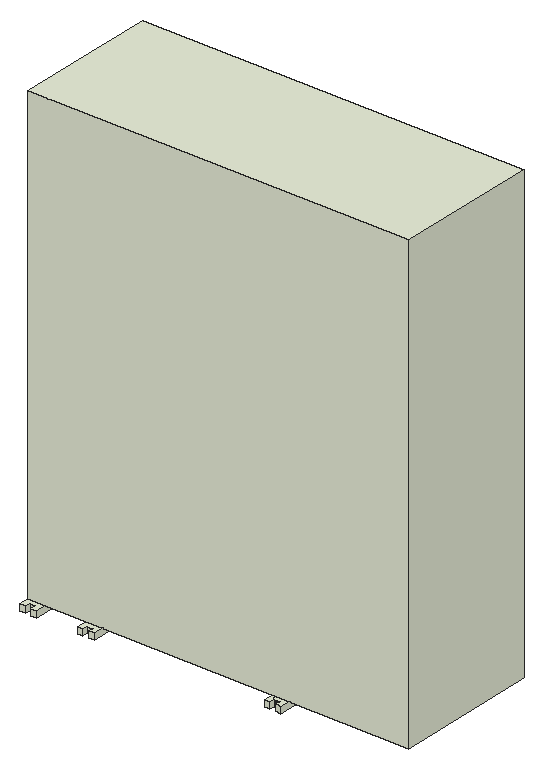
Revit family "Midea_V4+I_Outdoor_MDV-V400W_DRN1(DC50Hz)", category Mechanical Equipment, Revit 2013 (continued)
Automatic sketch dimensions
  curve 83 to curve 103 = 0.000 mm
  curve 83 to curve 104 = 0.000 mm
  curve 83 to curve 105 = 0.000 mm
  curve 83 to curve 106 = 0.000 mm
  curve 83 to curve 107 = 0.000 mm
  curve 83 to curve 108 = 0.000 mm
  curve 83 to curve 109 = 0.000 mm
  curve 83 to curve 110 = 0.000 mm
  curve 83 to curve 114 = 0.000 mm
  curve 84 to curve 85 = 0.000 mm
  curve 84 to curve 86 = 0.000 mm
  curve 84 to curve 87 = 0.000 mm
  curve 84 to curve 88 = 0.000 mm
  curve 84 to curve 89 = 0.000 mm
  curve 84 to curve 90 = 0.000 mm
  curve 84 to curve 91 = 0.000 mm
  curve 84 to curve 98 = 0.000 mm
  curve 84 to curve 99 = 0.000 mm
  curve 84 to curve 100 = 0.000 mm
  curve 84 to curve 101 = 0.000 mm
  curve 84 to curve 102 = 0.000 mm
  curve 84 to curve 103 = 0.000 mm
  curve 84 to curve 104 = 0.000 mm
  curve 84 to curve 105 = 0.000 mm
  curve 84 to curve 106 = 0.000 mm
  curve 84 to curve 107 = 0.000 mm
  curve 84 to curve 108 = 0.000 mm
  curve 84 to curve 109 = 0.000 mm
  curve 84 to curve 110 = 0.000 mm
  curve 84 to curve 114 = 0.000 mm
  curve 85 to curve 86 = 0.000 mm
  curve 85 to curve 87 = 0.000 mm
  curve 85 to curve 88 = 0.000 mm
  curve 85 to curve 89 = 0.000 mm
  curve 85 to curve 90 = 0.000 mm
  curve 85 to curve 91 = 0.000 mm
  curve 85 to curve 98 = 0.000 mm
  curve 85 to curve 99 = 0.000 mm
  curve 85 to curve 100 = 0.000 mm
  curve 85 to curve 101 = 0.000 mm
  curve 85 to curve 102 = 0.000 mm
  curve 85 to curve 103 = 0.000 mm
  curve 85 to curve 104 = 0.000 mm
  curve 85 to curve 105 = 0.000 mm
  curve 85 to curve 106 = 0.000 mm
  curve 85 to curve 107 = 0.000 mm
  curve 85 to curve 108 = 0.000 mm
  curve 85 to curve 109 = 0.000 mm
  curve 85 to curve 110 = 0.000 mm
  curve 85 to curve 114 = 0.000 mm
  curve 86 to curve 87 = 0.000 mm
  curve 86 to curve 88 = 0.000 mm
  curve 86 to curve 89 = 0.000 mm
  curve 86 to curve 90 = 0.000 mm
  curve 86 to curve 91 = 0.000 mm
  curve 86 to curve 98 = 0.000 mm
  curve 86 to curve 99 = 0.000 mm
  curve 86 to curve 100 = 0.000 mm
  curve 86 to curve 101 = 0.000 mm
  curve 86 to curve 102 = 0.000 mm
  curve 86 to curve 103 = 0.000 mm
  curve 86 to curve 104 = 0.000 mm
  curve 86 to curve 105 = 0.000 mm
  curve 86 to curve 106 = 0.000 mm
  curve 86 to curve 107 = 0.000 mm
  curve 86 to curve 108 = 0.000 mm
  curve 86 to curve 109 = 0.000 mm
  curve 86 to curve 110 = 0.000 mm
  curve 86 to curve 114 = 0.000 mm
  curve 87 to curve 88 = 0.000 mm
  curve 87 to curve 89 = 0.000 mm
  curve 87 to curve 90 = 0.000 mm
  curve 87 to curve 91 = 0.000 mm
  curve 87 to curve 98 = 0.000 mm
  curve 87 to curve 99 = 0.000 mm
  curve 87 to curve 100 = 0.000 mm
  curve 87 to curve 101 = 0.000 mm
  curve 87 to curve 102 = 0.000 mm
  curve 87 to curve 103 = 0.000 mm
  curve 87 to curve 104 = 0.000 mm
  curve 87 to curve 105 = 0.000 mm
  curve 87 to curve 106 = 0.000 mm
  curve 87 to curve 107 = 0.000 mm
  curve 87 to curve 108 = 0.000 mm
  curve 87 to curve 109 = 0.000 mm
  curve 87 to curve 110 = 0.000 mm
  curve 87 to curve 114 = 0.000 mm
  curve 88 to curve 89 = 0.000 mm
  curve 88 to curve 90 = 0.000 mm
  curve 88 to curve 91 = 0.000 mm
  curve 88 to curve 98 = 0.000 mm
  curve 88 to curve 99 = 0.000 mm
  curve 88 to curve 100 = 0.000 mm
  curve 88 to curve 101 = 0.000 mm
  curve 88 to curve 102 = 0.000 mm
  curve 88 to curve 103 = 0.000 mm
  curve 88 to curve 104 = 0.000 mm
  curve 88 to curve 105 = 0.000 mm
  curve 88 to curve 106 = 0.000 mm
  curve 88 to curve 107 = 0.000 mm
  curve 88 to curve 108 = 0.000 mm
  curve 88 to curve 109 = 0.000 mm
  curve 88 to curve 110 = 0.000 mm
  curve 88 to curve 114 = 0.000 mm
  curve 89 to curve 90 = 0.000 mm
  curve 89 to curve 91 = 0.000 mm
  curve 89 to curve 98 = 0.000 mm
  curve 89 to curve 99 = 0.000 mm
  curve 89 to curve 100 = 0.000 mm
  curve 89 to curve 101 = 0.000 mm
  curve 89 to curve 102 = 0.000 mm
  curve 89 to curve 103 = 0.000 mm
  curve 89 to curve 104 = 0.000 mm
  curve 89 to curve 105 = 0.000 mm
  curve 89 to curve 106 = 0.000 mm
  curve 89 to curve 107 = 0.000 mm
  curve 89 to curve 108 = 0.000 mm
  curve 89 to curve 109 = 0.000 mm
  curve 89 to curve 110 = 0.000 mm
  curve 89 to curve 114 = 0.000 mm
  curve 90 to curve 91 = 0.000 mm
  curve 90 to curve 98 = 0.000 mm
  curve 90 to curve 99 = 0.000 mm
  curve 90 to curve 100 = 0.000 mm
  curve 90 to curve 101 = 0.000 mm
  curve 90 to curve 102 = 0.000 mm
  curve 90 to curve 103 = 0.000 mm
  curve 90 to curve 104 = 0.000 mm
  curve 90 to curve 105 = 0.000 mm
  curve 90 to curve 106 = 0.000 mm
  curve 90 to curve 107 = 0.000 mm
  curve 90 to curve 108 = 0.000 mm
  curve 90 to curve 109 = 0.000 mm
  curve 90 to curve 110 = 0.000 mm
  curve 90 to curve 114 = 0.000 mm
  curve 91 to curve 98 = 0.000 mm
  curve 91 to curve 99 = 0.000 mm
  curve 91 to curve 100 = 0.000 mm
  curve 91 to curve 101 = 0.000 mm
  curve 91 to curve 102 = 0.000 mm
  curve 91 to curve 103 = 0.000 mm
  curve 91 to curve 104 = 0.000 mm
  curve 91 to curve 105 = 0.000 mm
  curve 91 to curve 106 = 0.000 mm
  curve 91 to curve 107 = 0.000 mm
  curve 91 to curve 108 = 0.000 mm
  curve 91 to curve 109 = 0.000 mm
  curve 91 to curve 110 = 0.000 mm
  curve 91 to curve 114 = 0.000 mm
  curve 98 to curve 99 = 0.000 mm
  curve 98 to curve 100 = 0.000 mm
  curve 98 to curve 101 = 0.000 mm
  curve 98 to curve 102 = 0.000 mm
  curve 98 to curve 103 = 0.000 mm
  curve 98 to curve 104 = 0.000 mm
  curve 98 to curve 105 = 0.000 mm
  curve 98 to curve 106 = 0.000 mm
  curve 98 to curve 107 = 0.000 mm
  curve 98 to curve 108 = 0.000 mm
  curve 98 to curve 109 = 0.000 mm
  curve 98 to curve 110 = 0.000 mm
  curve 98 to curve 114 = 0.000 mm
  curve 99 to curve 100 = 0.000 mm
  curve 99 to curve 101 = 0.000 mm
  curve 99 to curve 102 = 0.000 mm
  curve 99 to curve 103 = 0.000 mm
  curve 99 to curve 104 = 0.000 mm
  curve 99 to curve 105 = 0.000 mm
  curve 99 to curve 106 = 0.000 mm
  curve 99 to curve 107 = 0.000 mm
  curve 99 to curve 108 = 0.000 mm
  curve 99 to curve 109 = 0.000 mm
  curve 99 to curve 110 = 0.000 mm
  curve 99 to curve 114 = 0.000 mm
  curve 100 to curve 101 = 0.000 mm
  curve 100 to curve 102 = 0.000 mm
  curve 100 to curve 103 = 0.000 mm
  curve 100 to curve 104 = 0.000 mm
  curve 100 to curve 105 = 0.000 mm
  curve 100 to curve 106 = 0.000 mm
  curve 100 to curve 107 = 0.000 mm
  curve 100 to curve 108 = 0.000 mm
  curve 100 to curve 109 = 0.000 mm
  curve 100 to curve 110 = 0.000 mm
  curve 100 to curve 114 = 0.000 mm
  curve 101 to curve 102 = 0.000 mm
  curve 101 to curve 103 = 0.000 mm
  curve 101 to curve 104 = 0.000 mm
  curve 101 to curve 105 = 0.000 mm
  curve 101 to curve 106 = 0.000 mm
  curve 101 to curve 107 = 0.000 mm
  curve 101 to curve 108 = 0.000 mm
  curve 101 to curve 109 = 0.000 mm
  curve 101 to curve 110 = 0.000 mm
  curve 101 to curve 114 = 0.000 mm
  curve 102 to curve 103 = 0.000 mm
  curve 102 to curve 104 = 0.000 mm
  curve 102 to curve 105 = 0.000 mm
  curve 102 to curve 106 = 0.000 mm
  curve 102 to curve 107 = 0.000 mm
  curve 102 to curve 108 = 0.000 mm
  curve 102 to curve 109 = 0.000 mm
  curve 102 to curve 110 = 0.000 mm
  curve 102 to curve 114 = 0.000 mm
  curve 103 to curve 104 = 0.000 mm
  curve 103 to curve 105 = 0.000 mm
  curve 103 to curve 106 = 0.000 mm
  curve 103 to curve 107 = 0.000 mm
  curve 103 to curve 108 = 0.000 mm
  curve 103 to curve 109 = 0.000 mm
  curve 103 to curve 110 = 0.000 mm
  curve 103 to curve 114 = 0.000 mm
  curve 104 to curve 105 = 0.000 mm
  curve 104 to curve 106 = 0.000 mm
  curve 104 to curve 107 = 0.000 mm
  curve 104 to curve 108 = 0.000 mm
  curve 104 to curve 109 = 0.000 mm
  curve 104 to curve 110 = 0.000 mm
  curve 104 to curve 114 = 0.000 mm
  curve 105 to curve 106 = 0.000 mm
  curve 105 to curve 107 = 0.000 mm
  curve 105 to curve 108 = 0.000 mm
  curve 105 to curve 109 = 0.000 mm
  curve 105 to curve 110 = 0.000 mm
  curve 105 to curve 114 = 0.000 mm
  curve 106 to curve 107 = 0.000 mm
  curve 106 to curve 108 = 0.000 mm
  curve 106 to curve 109 = 0.000 mm
  curve 106 to curve 110 = 0.000 mm
  curve 106 to curve 114 = 0.000 mm
  curve 107 to curve 108 = 0.000 mm
  curve 107 to curve 109 = 0.000 mm
  curve 107 to curve 110 = 0.000 mm
  curve 107 to curve 114 = 0.000 mm
  curve 108 to curve 109 = 0.000 mm
  curve 108 to curve 110 = 0.000 mm
  curve 108 to curve 114 = 0.000 mm
  curve 109 to curve 110 = 0.000 mm
  curve 109 to curve 114 = 0.000 mm
  curve 110 to curve 114 = 0.000 mm
  level to curve 115 = 1471.661 mm
  curve 129 to curve 129 = 115.738 mm
  curve 95 to curve 110 = 93.130 mm
  level to curve 153 = 1472.017 mm
  curve 165 to Extrusion 1 = 0.000 mm
  curve 164 to Extrusion 1 = 0.000 mm
  curve 167 to Extrusion 1 = 0.000 mm
  Extrusion 1 to curve 164 = 0.000 mm
  curve 169 to Extrusion 1 = 0.000 mm
  curve 171 to Extrusion 1 = 0.000 mm  (x3)
  Extrusion 1 to curve 173 = 0.000 mm  (x2)
  curve 172 to Extrusion 1 = 0.000 mm  (x3)
  Extrusion 1 to curve 173 = 322.200 mm
  curve 174 to Extrusion 1 = 0.000 mm  (x2)
  curve 175 to Extrusion 1 = 0.000 mm  (x3)
  Extrusion 1 to curve 174 = 0.000 mm
  radius of Extrusion 2 sketch curve = 15.000 mm
  radius of Extrusion 3 sketch curve = 15.000 mm
  radius of curve 41 = 80.000 mm
  radius of curve 42 = 100.000 mm
  radius of curve 43 = 120.000 mm
  radius of curve 44 = 140.000 mm
  radius of curve 45 = 160.000 mm
  radius of curve 46 = 180.000 mm
  radius of curve 47 = 200.000 mm
  radius of curve 48 = 220.000 mm
  radius of curve 49 = 240.000 mm
  radius of curve 50 = 260.000 mm
  radius of curve 80 = 80.000 mm
  radius of curve 81 = 100.000 mm
  radius of curve 82 = 120.000 mm
  radius of curve 83 = 140.000 mm
  radius of curve 84 = 160.000 mm
  radius of curve 85 = 180.000 mm
  radius of curve 86 = 200.000 mm
  radius of curve 87 = 220.000 mm
  radius of curve 88 = 240.000 mm
  radius of curve 89 = 260.000 mm
  radius of Extrusion 21 sketch curve = 6.350 mm
  radius of Extrusion 22 sketch curve = 11.100 mm
  radius of Extrusion 23 sketch curve = 9.550 mm
  radius of curve 163 = 9.550 mm
Nested families
  nested 1: "Midea service space" at (-599.5, 226, 0), Height <- "Height", visible <- "clearance", type "Midea Service  Space"
    with Width 1360.000 mm, Height 1650.000 mm, Depth 400.000 mm
  nested 2: "Midea service space" at (-599.5, -714, 0), Height <- "Height", visible <- "clearance", type "Midea Service  Space"
    with Width 1360.000 mm, Height 1650.000 mm, Depth 400.000 mm
  nested 3: "Midea service space" at (760.5, -314, 0), Height <- "Height", Depth <- "Depth", visible <- "clearance", type "Midea Service  Space"
    with Width 400.000 mm, Height 1650.000 mm, Depth 540.000 mm
  nested 4: "Midea service space" at (-1199.5, -314, 0), Height <- "Height", Depth <- "Depth", visible <- "clearance", type "Midea Service  Space"
    with Width 600.000 mm, Height 1650.000 mm, Depth 540.000 mm
Connectors
  piping at (-599.5, -40, 159.539)
    settings: on Extrusion 21, index 1, connector radius 6.350 mm, flow factor 0, pipe flow 0.0 m³/h, pressure drop 0.0 Pa, fitting loss kfactor 0, connector angle 0.00°, fixture units 0, engagement length 0.000 mm, flow configuration 2, flow direction 0, fitting loss method 4, system type 22, joint type 0, gender type 0, connector reference index -1, connector utility 0, adjustable connector no, is connector primary yes, fitting loss table "", connector description "Liquid pipe:Φ12.7mm"
  piping at (-599.5, -40, 110.015)
    settings: on Extrusion 22, index 2, connector radius 11.100 mm, flow factor 0, pipe flow 0.0 m³/h, pressure drop 0.0 Pa, fitting loss kfactor 0, connector angle 0.00°, fixture units 0, engagement length 0.000 mm, flow configuration 1, flow direction 0, fitting loss method 4, system type 22, joint type 0, gender type 0, connector reference index -1, connector utility 0, adjustable connector no, is connector primary no, fitting loss table "", connector description "Gas pipe:Φ22.2mm"
  electrical at (-599.5, 1.781, 159.808)
    settings: on Extrusion 23, index 3, voltage 380 V, apparent load 0 VA, apparent load phase1 0 VA, apparent load phase2 0 VA, apparent load phase3 0 VA, power factor 1, load classification "Power", number of poles 3, system type 30, power factor state 1, is connector primary yes, connector utility no, sub classification motor no, connector description "The location of  electrical connectors is not the same as the actual location because the wiring terminal is inside the unit."
Definition of nested family "Midea service space"
  Parameters (values of type "Midea Service  Space")
    Width [instance] = 500.000 mm
    Height [instance] = 500.000 mm
    Depth [instance] = 500.000 mm
  Reference planes
    plane 1 "Center (Front/Back)": y = 0
    plane 2: z = 0
    plane 3 "Center (Left/Right)": x = 0
    plane 4: z = 500
    plane 5: y = 500
    plane 6: x = 500
  Forms (mm)
    Extrusion 1, solid, material "Midea Service Space-HDY"
      sketch origin (0, 0, 0) x (1, 0, 0) y (0, 1, 0)
        loop
          line (0, 500) -> (0, 0) -> (500, 0) -> (500, 500) -> (0, 500)
      from 0 to 500
  Dimensions and locks
    "Width": plane 3 "Center (Left/Right)" to plane 6
    "Depth": plane 5 to plane 1 "Center (Front/Back)"
    "Height": level to plane 4
    aligned and locked: level to plane 2
    aligned and locked: plane 5 to Extrusion 1
    aligned and locked: Extrusion 1 to plane 6
    aligned and locked: Extrusion 1 to plane 3 "Center (Left/Right)"
    aligned and locked: plane 1 "Center (Front/Back)" to Extrusion 1
    aligned and locked: Extrusion 1 to plane 4
  Automatic sketch dimensions
    Extrusion 1 sketch curve to plane 3 "Center (Left/Right)" = 0.000 mm
    plane 1 "Center (Front/Back)" to Extrusion 1 sketch curve = 0.000 mm
    Extrusion 1 sketch curve to plane 6 = 0.000 mm
    Extrusion 1 sketch curve to plane 5 = 0.000 mm
